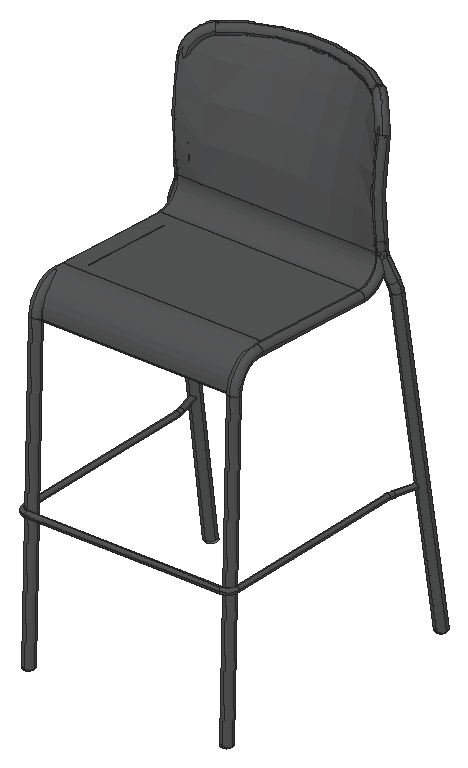
Revit family "FU_Stool_Sandler_Momo", category Furniture, Revit 2020
Family settings
  OmniClass Number = 23.40.20.00
  OmniClass Title = General Furniture and Specialties
  Work Plane-Based = No
  Always vertical = Yes
  Cut with Voids When Loaded = No
  Shared = No
  Room Calculation Point = No
Parameters (values of type "Momo 3")
  Width = 540 mm
  URL = "https://www.sandlerseating.com/product/momo-3/"
  Momo Mesh = Metal - Mesh - Black NCS 9000-N
  Model = "Momo 3"
  Manufacturer = "Sandler"
  Height = 1100 mm
  Frame = Metal - Powdercoat - Black NCS 9000-N
  Description = "High stool with 4 legs made of expanded metal mesh welded to a curved tubular galvanised steel frame, polyester powder coated. Suitable for outdoor use as well as indoor. Stackable up to 6 units. Minimum order quantity 4 and only available in Multiples of 4"
  Depth = 580 mm
  Default Elevation = 0 mm
  Arms_IsVisible = yes
Reference planes
  plane 1 "Center (Front/Back)": y = 0
  plane 2: z = 0
  plane 3 "Center (Left/Right)": x = 0
  plane 4 "Right": x = -270
  plane 5 "Left": x = 270
  plane 6 "Back": y = 290
  plane 7 "Front": y = -290
  plane 8 "Height": z = 1100
  plane 9 "Seat height": z = 750
  plane 10 "Glide Height": z = 5
  plane 11 "BL C RIGHT": through (4267.2, 153.207, 807.027) normal (0, 0.9882, 0.1531)
  plane 12 "Stretcher RIGHT": z = 314.799
Forms (mm)
  Sweep 1, solid, material "Metal - Powdercoat - Black NCS 9000-N" <- "Frame"
    path origin (221.075, 0, 290.033) x (0, 1, 0) y (0, 0, -1)
      loop
        line (-274.932, 290.033) -> (-254.91, -407.035)
        arc (-254.91, -407.035) -> (-235.709, -449.224) -> (-192.119, -464.984) r 59.743
        line (-192.119, -464.984) -> (92.309, -446.924)
        arc (92.309, -446.924) -> (140.062, -466.899) -> (153.142, -516.982) r 58.347
        arc (153.142, -516.982) -> (145.417, -631.448) -> (158.863, -745.384) r 621.501
    profile "Pro_Circles : 25mm" origin (221.075, -264.921, 348.534) x (0, 0.999588, -0.028711) y (-1, 0, 0)
      loop
        arc (12.467, 0.067) -> (8.835, 8.835) -> (0.067, 12.467) r 12.4
        arc (0.067, 12.467) -> (-8.788, 8.882) -> (-12.467, 0.067) r 12.401
        arc (-12.467, 0.067) -> (-8.836, -8.836) -> (0.067, -12.467) r 12.401
        arc (0.067, -12.467) -> (8.882, -8.788) -> (12.467, 0.067) r 12.401
  Sweep 2, solid, material "Metal - Powdercoat - Black NCS 9000-N" <- "Frame"
    path origin (0, 0, 1087.533) x (0, -1, 0) y (1, 0, 0)
      loop
        arc (-197.837, -181.519) -> (-263.009, 0) -> (-197.837, 181.519) r 285.372
    profile "Pro_Circles : 25mm" origin (0, 263.009, 1087.533) x (0, 1, 0) y (0, 0, 1)
      loop
        arc (-12.467, 0.067) -> (-8.882, -8.788) -> (-0.067, -12.467) r 12.401
        arc (-0.067, -12.467) -> (8.836, -8.836) -> (12.467, 0.067) r 12.401
        arc (12.467, 0.067) -> (8.788, 8.882) -> (-0.067, 12.467) r 12.401
        arc (-0.067, 12.467) -> (-8.835, 8.835) -> (-12.467, 0.067) r 12.4
  Sweep 3, solid, material "Metal - Powdercoat - Black NCS 9000-N" <- "Frame"
    path origin (-332.889, 46.014, 290.033) x (0.703842, 0.710357, 0) y (0, 0, 1)
      loop
        arc (158.666, 742.988) -> (177.698, 781.757) -> (217.784, 797.832) r 60.258
    profile "Pro_Circles : 25mm" origin (-207.817, 172.243, 1071.79) x (-0.47869, -0.48312, 0.73311) y (0.710357, -0.703842, 0)
      loop
        arc (-12.467, 0.067) -> (-8.882, -8.788) -> (-0.067, -12.467) r 12.401
        arc (-0.067, -12.467) -> (8.836, -8.836) -> (12.467, 0.067) r 12.401
        arc (12.467, 0.067) -> (8.788, 8.882) -> (-0.067, 12.467) r 12.401
        arc (-0.067, 12.467) -> (-8.835, 8.835) -> (-12.467, 0.067) r 12.4
  Sweep 4, solid, material "Metal - Powdercoat - Black NCS 9000-N" <- "Frame"
    path origin (332.889, 46.014, 290.033) x (-0.703842, 0.710357, 0) y (0, 0, -1)
      loop
        arc (158.666, -742.988) -> (177.698, -781.757) -> (217.784, -797.832) r 60.258
    profile "Pro_Circles : 25mm" origin (207.817, 172.243, 1071.79) x (-0.47869, 0.48312, -0.73311) y (-0.710357, -0.703842, 0)
      loop
        arc (12.467, 0.067) -> (8.835, 8.835) -> (0.067, 12.467) r 12.4
        arc (0.067, 12.467) -> (-8.788, 8.882) -> (-12.467, 0.067) r 12.401
        arc (-12.467, 0.067) -> (-8.836, -8.836) -> (0.067, -12.467) r 12.401
        arc (0.067, -12.467) -> (8.882, -8.788) -> (12.467, 0.067) r 12.401
  Extrusion 5, solid, material "Metal - Powdercoat - Black NCS 9000-N" <- "Frame"
    sketch origin (0, 0, 290.033) x (0, 1, 0) y (0, 0, 1)
      loop
        circle (-247.284, 404.016) r 6
    from -221 to 221.008
  Extrusion 6, void
    sketch origin (0, 0, 0) x (0, 1, 0) y (0, 0, 1)
      loop
        line (-290, -5) -> (295, -5) -> (295, 5) -> (-290, 5) -> (-290, -5)
    from -290 to 290
  Revolve 7, solid, material "Rubber, Black"
    sketch origin (-221.075, -12.539, 0) x (0, 1, 0) y (0, 0, 1)
      loop
        spline (-273.129, 7.5) -> (-274.051, 6.708) -> (-274.614, 5.864) -> (-274.802, 4.993) -> (-274.608, 4.123) -> (-274.039, 3.279) -> (-273.112, 2.488) -> (-271.856, 1.774) -> (-270.309, 1.158) -> (-268.517, 0.66) -> (-266.536, 0.294) -> (-264.426, 0.072) -> (-262.253, 0)
        line (-262.253, 0) -> (-262.253, 7.5) -> (-273.129, 7.5)
      axis (-262.253, 7.5) -> (-262.253, 0)
    angle from 0 to 360
  Revolve 8, solid, material "Rubber, Black"
    sketch origin (221.075, -12.539, 0) x (0, 1, 0) y (0, 0, -1)
      loop
        line (-273.129, -7.5) -> (-262.253, -7.5) -> (-262.253, 0)
        spline (-262.253, 0) -> (-264.426, -0.072) -> (-266.536, -0.294) -> (-268.517, -0.66) -> (-270.309, -1.158) -> (-271.856, -1.774) -> (-273.112, -2.488) -> (-274.039, -3.279) -> (-274.608, -4.123) -> (-274.802, -4.993) -> (-274.614, -5.864) -> (-274.051, -6.708) -> (-273.129, -7.5)
      axis (-262.253, -7.5) -> (-262.253, 0)
    angle from 0 to 360
  Revolve 9, solid, material "Rubber, Black"
    sketch origin (257.663, 15.214, 0) x (0, -1, 0) y (0, 0, 1)
      loop
        spline (-273.129, 7.5) -> (-274.051, 6.708) -> (-274.614, 5.864) -> (-274.802, 4.993) -> (-274.608, 4.123) -> (-274.039, 3.279) -> (-273.112, 2.488) -> (-271.856, 1.774) -> (-270.309, 1.158) -> (-268.517, 0.66) -> (-266.536, 0.294) -> (-264.426, 0.072) -> (-262.253, 0)
        line (-262.253, 0) -> (-262.253, 7.5) -> (-273.129, 7.5)
      axis (-262.253, 7.5) -> (-262.253, 0)
    angle from 0 to 360
  Revolve 10, solid, material "Rubber, Black"
    sketch origin (-255.699, 15.214, 0) x (0, -1, 0) y (0, 0, -1)
      loop
        line (-273.129, -7.5) -> (-262.253, -7.5) -> (-262.253, 0)
        spline (-262.253, 0) -> (-264.426, -0.072) -> (-266.536, -0.294) -> (-268.517, -0.66) -> (-270.309, -1.158) -> (-271.856, -1.774) -> (-273.112, -2.488) -> (-274.039, -3.279) -> (-274.608, -4.123) -> (-274.802, -4.993) -> (-274.614, -5.864) -> (-274.051, -6.708) -> (-273.129, -7.5)
      axis (-262.253, -7.5) -> (-262.253, 0)
    angle from 0 to 360
  Extrusion 11, solid, material "Metal - Mesh - Black NCS 9000-N" <- "Momo Mesh"
    sketch origin (0, 0, 290.033) x (0, 1, 0) y (0, 0, 1)
      loop
        line (-180.21, 477.09) -> (93.037, 459.37)
        arc (93.037, 459.37) -> (130.712, 475.147) -> (140.879, 514.707) r 45.879
        line (140.879, 514.707) -> (139.369, 514.707)
        arc (139.369, 514.707) -> (129.382, 476.618) -> (93.037, 461.467) r 44.374
        line (93.037, 461.467) -> (-180.21, 479.187)
        arc (-180.21, 479.187) -> (-234.591, 458.568) -> (-254.754, 404.016) r 70.189
        line (-254.754, 404.016) -> (-253.284, 404.016)
        arc (-253.284, 404.016) -> (-233.287, 457.092) -> (-180.21, 477.09) r 68.768
    from -221 to 221
  SweptBlend 12, solid, material "Metal - Mesh - Black NCS 9000-N" <- "Momo Mesh"
    path in 3D
      loop
        arc (0, 140.883, 804.723) -> (0, 135.565, 965.546) -> (0, 170.908, 1122.528) r 633.968
    profile origin (0, 140.883, 804.723) x (0, -0.987178, -0.159621) y (1, 0, 0)
      loop
        line (1.189, 222.611) -> (-0.311, 222.611) -> (-0.311, -221.008) -> (1.189, -221.008) -> (1.189, 222.611)
    end profile "Pro_momo-Mesh-top : Pro_momo-Mesh-top" origin (0, 170.908, 1122.528) x (0, -0.939818, 0.341674) y (1, 0, 0)
      loop
        arc (1.984, -221) -> (-89.776, 0) -> (1.984, 221) r 312.013
        line (1.984, 221) -> (0.471, 221)
        arc (0.471, 221) -> (-91.29, 0) -> (0.471, -221) r 312.013
        line (0.471, -221) -> (1.984, -221)
  Sweep 13, solid, material "Metal - Powdercoat - Black NCS 9000-N" <- "Frame"
    path origin (-221.075, 0, 290.033) x (0, 1, 0) y (0, 0, 1)
      loop
        line (-274.932, -290.033) -> (-254.91, 407.035)
        arc (-254.91, 407.035) -> (-235.709, 449.224) -> (-192.119, 464.984) r 59.743
        line (-192.119, 464.984) -> (92.309, 446.924)
        arc (92.309, 446.924) -> (140.062, 466.899) -> (153.142, 516.982) r 58.347
        arc (153.142, 516.982) -> (145.417, 631.448) -> (158.863, 745.384) r 621.501
    profile "Pro_Circles : 25mm" origin (-221.075, -264.921, 348.534) x (0, -0.999588, 0.028711) y (1, 0, 0)
      loop
        arc (-12.467, 0.067) -> (-8.882, -8.788) -> (-0.067, -12.467) r 12.401
        arc (-0.067, -12.467) -> (8.836, -8.836) -> (12.467, 0.067) r 12.401
        arc (12.467, 0.067) -> (8.788, 8.882) -> (-0.067, 12.467) r 12.401
        arc (-0.067, 12.467) -> (-8.835, 8.835) -> (-12.467, 0.067) r 12.4
  Sweep 14, solid, material "Metal - Powdercoat - Black NCS 9000-N" <- "Frame"
    path origin (0, 271.747, 42.113) x (0, -0.153143, 0.988204) y (1, 0, 0)
      loop
        line (-43.437, 257.75) -> (693.274, 246.87)
        arc (693.274, 246.87) -> (703.023, 245.418) -> (712.386, 242.338) r 58.053
        line (712.386, 242.338) -> (758.656, 222.621)
        arc (758.656, 222.621) -> (767.891, 221.462) -> (777.19, 221.075) r 111.873
        line (777.19, 221.075) -> (797.19, 221.075)
    profile "Pro_Circles : 25mm" origin (252.31, 221.988, 363.199) x (0.999891, -0.002261, 0.014592) y (0, 0.988204, 0.153143)
      loop
        arc (-12.467, 0.067) -> (-8.882, -8.788) -> (-0.067, -12.467) r 12.401
        arc (-0.067, -12.467) -> (8.836, -8.836) -> (12.467, 0.067) r 12.401
        arc (12.467, 0.067) -> (8.788, 8.882) -> (-0.067, 12.467) r 12.401
        arc (-0.067, 12.467) -> (-8.835, 8.835) -> (-12.467, 0.067) r 12.4
  Sweep 15, solid, material "Metal - Powdercoat - Black NCS 9000-N" <- "Frame"
    path origin (0, 271.747, 42.113) x (0, -0.153143, 0.988204) y (-1, 0, 0)
      loop
        line (-43.437, 257.75) -> (693.274, 246.87)
        arc (693.274, 246.87) -> (703.023, 245.418) -> (712.386, 242.338) r 58.053
        line (712.386, 242.338) -> (758.656, 222.621)
        arc (758.656, 222.621) -> (767.891, 221.462) -> (777.19, 221.075) r 111.873
        line (777.19, 221.075) -> (797.19, 221.075)
    profile "Pro_Circles : 25mm" origin (-252.31, 221.988, 363.199) x (0.999891, 0.002261, -0.014592) y (0, 0.988204, 0.153143)
      loop
        arc (12.467, 0.067) -> (8.835, 8.835) -> (0.067, 12.467) r 12.4
        arc (0.067, 12.467) -> (-8.788, 8.882) -> (-12.467, 0.067) r 12.401
        arc (-12.467, 0.067) -> (-8.836, -8.836) -> (0.067, -12.467) r 12.401
        arc (0.067, -12.467) -> (8.882, -8.788) -> (12.467, 0.067) r 12.401
  Extrusion 16, void
    sketch origin (0, 290, 0) x (-1, 0, 0) y (0, 0, 1)
      loop
        arc (170.747, 1087.799) -> (207.791, 1071.456) -> (223, 1033.933) r 53.891
        line (223, 1033.933) -> (270, 1033.933) -> (270, 1140.917) -> (-270, 1140.917) -> (-270, 1033.933) -> (-223, 1033.933)
        arc (-223, 1033.933) -> (-207.791, 1071.456) -> (-170.747, 1087.799) r 53.891
        line (-170.747, 1087.799) -> (170.747, 1087.799)
    from 0 to -199.502
  Sweep 17, solid, material "Metal - Powdercoat - Black NCS 9000-N" <- "Frame"
    path origin (0, 0, 314.799) x (1, 0, 0) y (0, 1, 0)
      loop
        line (-250.168, 218.285) -> (-236.893, 168.255)
        arc (-236.893, 168.255) -> (-235.448, 162.049) -> (-234.962, 155.696) r 41.81
        line (-234.962, 155.696) -> (-234.962, -266.094)
        arc (-234.962, -266.094) -> (-229.564, -278.869) -> (-216.738, -284.147) r 18.225
        line (-216.738, -284.147) -> (216.738, -284.147)
        arc (216.738, -284.147) -> (229.564, -278.869) -> (234.962, -266.094) r 18.225
        line (234.962, -266.094) -> (234.962, 155.696)
        arc (234.962, 155.696) -> (235.448, 162.049) -> (236.893, 168.255) r 41.81
        line (236.893, 168.255) -> (250.168, 218.285)
    profile "Pro_Circles : 12mm" origin (-243.531, 193.27, 314.799) x (0.966556, 0.256456, 0) y (0, 0, 1)
      loop
        arc (-5.967, 0.067) -> (-4.287, -4.192) -> (-0.067, -5.967) r 5.901
        arc (-0.067, -5.967) -> (4.24, -4.24) -> (5.967, 0.067) r 5.902
        arc (5.967, 0.067) -> (4.192, 4.286) -> (-0.067, 5.967) r 5.901
        arc (-0.067, 5.967) -> (-4.238, 4.238) -> (-5.967, 0.067) r 5.9
Cuts and joins
  Extrusion 6 cuts Sweep 13
  Extrusion 6 cuts Sweep 15
  Extrusion 6 cuts Sweep 1
  Extrusion 6 cuts Sweep 14
  Extrusion 16 cuts SweptBlend 12
Lines and regions (mm)
  sketch lines
    curve 1: arc (0, 140.883, 804.723) -> (0, 135.565, 965.546) -> (0, 170.908, 1122.528) r 633.968
Dimensions and locks
  equal spacing: plane 4 "Right", plane 3 "Center (Left/Right)", plane 5 "Left"
  "Width": plane 4 "Right" to plane 5 "Left"
  equal spacing: plane 6 "Back", plane 1 "Center (Front/Back)", plane 7 "Front"
  "Depth": plane 6 "Back" to plane 7 "Front"
  "Height": plane 8 "Height" to level
  plane 9 "Seat height" to level = 750 mm
  aligned and locked: level to plane 2
Automatic sketch dimensions
  Sweep 1 sketch curve to level = 0 mm
  plane 7 "Front" to Sweep 1 sketch curve = 35.09 mm
  Sweep 1 sketch curve to Sweep 1 sketch curve = 59.719 mm
  plane 9 "Seat height" to Sweep 1 sketch curve = 5.018 mm
  Sweep 1 sketch curve to Sweep 1 sketch curve = 3.073 mm
  Sweep 1 sketch curve to plane 9 "Seat height" = 13.042 mm
  Sweep 1 sketch curve to plane 1 "Center (Front/Back)" = 92.309 mm
  Sweep 1 sketch curve to Sweep 1 sketch curve = 3.697 mm
  plane 9 "Seat height" to Sweep 1 sketch curve = 155.918 mm
  plane 6 "Back" to Sweep 1 sketch curve = 476.722 mm
  plane 9 "Seat height" to Sweep 1 sketch curve = 45.187 mm
  Sweep 1 sketch curve to plane 9 "Seat height" = 52.931 mm
  plane 7 "Front" to Sweep 1 sketch curve = 15.068 mm
  plane 9 "Seat height" to Sweep 1 sketch curve = 57.015 mm
  Sweep 1 sketch curve to plane 8 "Height" = 64.582 mm
  Sweep 2 sketch curve to plane 3 "Center (Left/Right)" = 0 mm
  plane 1 "Center (Front/Back)" to Sweep 2 sketch curve = 22.363 mm
  Sweep 2 sketch curve to plane 6 "Back" = 92.163 mm  (x2)
  Sweep 2 sketch curve to plane 4 "Right" = 88.481 mm
  Sweep 3 sketch curve to plane 8 "Height" = 72.385 mm
  Sweep 3 sketch curve to plane 8 "Height" = 12.135 mm
  Sweep 3 sketch curve to Sweep 3 sketch curve = 0.896 mm
  Sweep 3 sketch curve to Sweep 3 sketch curve = 60.015 mm
  Sweep 4 sketch curve to plane 8 "Height" = 72.385 mm
  Sweep 4 sketch curve to plane 8 "Height" = 12.135 mm
  Sweep 4 sketch curve to Sweep 4 sketch curve = 0.896 mm
  Sweep 4 sketch curve to Sweep 4 sketch curve = 60.015 mm
  plane 7 "Front" to Extrusion 5 sketch curve = 42.716 mm
  Extrusion 5 sketch curve to plane 9 "Seat height" = 55.951 mm
  Revolve 7 sketch curve to plane 10 "Glide Height" = 0 mm
  plane 7 "Front" to Revolve 7 sketch curve = 4.332 mm
  plane 10 "Glide Height" to Revolve 7 sketch curve = 2.5 mm
  Revolve 7 sketch curve to Revolve 7 sketch curve = 10.877 mm
  level to Revolve 7 sketch curve = 0 mm
  plane 7 "Front" to Revolve 7 sketch curve = 2.66 mm
  Revolve 7 sketch curve to Revolve 7 sketch curve = 0 mm  (x2)
  Revolve 7 sketch curve to level = 2.99 mm
  Revolve 8 sketch curve to plane 10 "Glide Height" = 0 mm
  plane 7 "Front" to Revolve 8 sketch curve = 4.332 mm
  plane 10 "Glide Height" to Revolve 8 sketch curve = 2.5 mm
  Revolve 8 sketch curve to Revolve 8 sketch curve = 10.877 mm
  level to Revolve 8 sketch curve = 0 mm
  plane 7 "Front" to Revolve 8 sketch curve = 2.66 mm
  Revolve 8 sketch curve to Revolve 8 sketch curve = 0 mm  (x2)
  Revolve 8 sketch curve to level = 2.99 mm
  Revolve 9 sketch curve to plane 10 "Glide Height" = 0 mm
  Revolve 9 sketch curve to plane 6 "Back" = 1.657 mm
  plane 10 "Glide Height" to Revolve 9 sketch curve = 2.5 mm
  Revolve 9 sketch curve to Revolve 9 sketch curve = 10.877 mm
  level to Revolve 9 sketch curve = 0 mm
  plane 6 "Back" to Revolve 9 sketch curve = 0.016 mm
  Revolve 9 sketch curve to Revolve 9 sketch curve = 0 mm  (x2)
  Revolve 9 sketch curve to level = 2.99 mm
  Revolve 10 sketch curve to plane 10 "Glide Height" = 0 mm
  Revolve 10 sketch curve to plane 6 "Back" = 1.657 mm
  plane 10 "Glide Height" to Revolve 10 sketch curve = 2.5 mm
  Revolve 10 sketch curve to Revolve 10 sketch curve = 10.877 mm
  level to Revolve 10 sketch curve = 0 mm
  plane 6 "Back" to Revolve 10 sketch curve = 0.016 mm
  Revolve 10 sketch curve to Revolve 10 sketch curve = 0 mm  (x2)
  Revolve 10 sketch curve to level = 2.99 mm
  plane 7 "Front" to Extrusion 11 sketch curve = 35.246 mm
  Extrusion 11 sketch curve to Extrusion 11 sketch curve = 1.469 mm
  Extrusion 11 sketch curve to Extrusion 11 sketch curve = 68.532 mm
  Extrusion 11 sketch curve to Extrusion 11 sketch curve = 0.092 mm
  plane 9 "Seat height" to Extrusion 11 sketch curve = 19.22 mm
  Extrusion 11 sketch curve to Extrusion 11 sketch curve = 4.542 mm
  plane 9 "Seat height" to Extrusion 11 sketch curve = 17.123 mm
  Extrusion 11 sketch curve to Extrusion 11 sketch curve = 0 mm  (x2)
  Extrusion 11 sketch curve to plane 9 "Seat height" = 0.596 mm
  Extrusion 11 sketch curve to plane 1 "Center (Front/Back)" = 93.037 mm
  plane 9 "Seat height" to Extrusion 11 sketch curve = 1.501 mm
  Extrusion 11 sketch curve to Extrusion 11 sketch curve = 2.872 mm
  Extrusion 11 sketch curve to Extrusion 11 sketch curve = 0.097 mm
  Extrusion 11 sketch curve to Extrusion 11 sketch curve = 43.46 mm
  Extrusion 11 sketch curve to Extrusion 11 sketch curve = 1.51 mm
  Extrusion 11 sketch curve to Extrusion 11 sketch curve = 67.945 mm
  Extrusion 11 sketch curve to Extrusion 11 sketch curve = 43.686 mm
  profile plane to SweptBlend 12 sketch curve = 0.311 mm
  SweptBlend 12 sketch curve to profile plane = 1.189 mm
  SweptBlend 12 sketch curve to profile plane = 221.008 mm
  profile plane to SweptBlend 12 sketch curve = 222.611 mm
  Sweep 13 sketch curve to level = 0 mm
  plane 7 "Front" to Sweep 13 sketch curve = 35.09 mm
  Sweep 13 sketch curve to Sweep 13 sketch curve = 59.719 mm
  plane 9 "Seat height" to Sweep 13 sketch curve = 5.018 mm
  Sweep 13 sketch curve to Sweep 13 sketch curve = 3.073 mm
  Sweep 13 sketch curve to plane 9 "Seat height" = 13.042 mm
  Sweep 13 sketch curve to plane 1 "Center (Front/Back)" = 92.309 mm
  Sweep 13 sketch curve to Sweep 13 sketch curve = 3.697 mm
  plane 9 "Seat height" to Sweep 13 sketch curve = 155.918 mm
  plane 6 "Back" to Sweep 13 sketch curve = 476.722 mm
  Sweep 13 sketch curve to Sweep 13 sketch curve = 59.664 mm
  plane 9 "Seat height" to Sweep 13 sketch curve = 45.187 mm
  plane 7 "Front" to Sweep 13 sketch curve = 15.068 mm
  plane 9 "Seat height" to Sweep 13 sketch curve = 57.015 mm
  Sweep 13 sketch curve to plane 8 "Height" = 64.582 mm
  plane 5 "Left" to Sweep 14 sketch curve = 81.068 mm
  plane 5 "Left" to Sweep 14 sketch curve = 23.13 mm
  Sweep 14 sketch curve to Sweep 14 sketch curve = 3.647 mm
  plane 5 "Left" to Sweep 14 sketch curve = 27.662 mm
  plane 5 "Left" to Sweep 14 sketch curve = 47.379 mm
  Sweep 14 sketch curve to Sweep 14 sketch curve = 46.269 mm
  Sweep 14 sketch curve to Sweep 14 sketch curve = 18.534 mm
  Sweep 14 sketch curve to Sweep 14 sketch curve = 1.546 mm
  plane 5 "Left" to Sweep 14 sketch curve = 12.25 mm
  Sweep 14 sketch curve to Sweep 14 sketch curve = 733.064 mm
  Sweep 14 sketch curve to Sweep 14 sketch curve = 20 mm
  plane 4 "Right" to Sweep 15 sketch curve = 81.068 mm
  plane 4 "Right" to Sweep 15 sketch curve = 23.13 mm
  Sweep 15 sketch curve to Sweep 15 sketch curve = 3.647 mm
  plane 4 "Right" to Sweep 15 sketch curve = 27.662 mm
  plane 4 "Right" to Sweep 15 sketch curve = 47.379 mm
  Sweep 15 sketch curve to Sweep 15 sketch curve = 46.269 mm
  Sweep 15 sketch curve to Sweep 15 sketch curve = 18.534 mm
  Sweep 15 sketch curve to Sweep 15 sketch curve = 1.546 mm
  plane 4 "Right" to Sweep 15 sketch curve = 12.25 mm
  Sweep 15 sketch curve to Sweep 15 sketch curve = 733.064 mm
  Sweep 15 sketch curve to Sweep 15 sketch curve = 20 mm
  Extrusion 6 sketch curve to plane 7 "Front" = 0 mm
  Extrusion 6 sketch curve to plane 10 "Glide Height" = 0 mm
  plane 6 "Back" to Extrusion 6 sketch curve = 5 mm
  Extrusion 6 sketch curve to level = 5 mm
  plane 5 "Left" to Extrusion 16 sketch curve = 0 mm
  plane 4 "Right" to Extrusion 16 sketch curve = 0 mm
  plane 5 "Left" to Extrusion 16 sketch curve = 47 mm
  Extrusion 16 sketch curve to Extrusion 16 sketch curve = 53.891 mm
  Extrusion 16 sketch curve to Extrusion 16 sketch curve = 100.891 mm
  Extrusion 16 sketch curve to Extrusion 16 sketch curve = 1.638 mm
  Extrusion 16 sketch curve to Extrusion 16 sketch curve = 47 mm
  Extrusion 16 sketch curve to Extrusion 16 sketch curve = 53.866 mm
  plane 8 "Height" to Extrusion 16 sketch curve = 40.917 mm
  Extrusion 16 sketch curve to plane 8 "Height" = 12.201 mm
  plane 4 "Right" to Sweep 17 sketch curve = 6.773 mm
  Sweep 17 sketch curve to plane 4 "Right" = 33.107 mm
  plane 7 "Front" to Sweep 17 sketch curve = 23.906 mm
  Sweep 17 sketch curve to plane 3 "Center (Left/Right)" = 234.962 mm
  Sweep 17 sketch curve to Sweep 17 sketch curve = 18.224 mm  (x2)
  plane 5 "Left" to Sweep 17 sketch curve = 53.262 mm
  Sweep 17 sketch curve to Sweep 17 sketch curve = 1.931 mm
  Sweep 17 sketch curve to plane 5 "Left" = 6.773 mm
  plane 7 "Front" to Sweep 17 sketch curve = 5.853 mm
  Sweep 17 sketch curve to Sweep 17 sketch curve = 18.225 mm
  Sweep 17 sketch curve to plane 6 "Back" = 134.304 mm  (x2)
  Sweep 17 sketch curve to plane 4 "Right" = 19.832 mm
  plane 5 "Left" to Sweep 17 sketch curve = 19.832 mm
  Sweep 17 sketch curve to Sweep 17 sketch curve = 50.031 mm  (x2)
  radius of Extrusion 5 sketch curve = 6 mm
